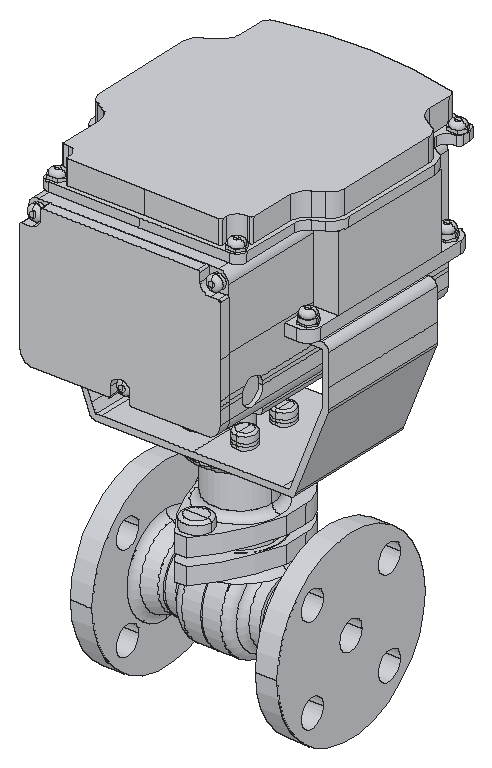
Revit family "電動二方弁_ver2021(ロゴなし)", category 電気設備, Revit 2021
Family settings
  丸型コネクタ寸法 = 直径を使用
  パーツ タイプ = 他のパネル
  OmniClass 番号 = 23.80.30.11.17
  OmniClass タイトル = Distribution Boards and Control Panels
  作業面ベース = いいえ
  常に垂直 = はい
  ロード時にボイドで切り取り = いいえ
  共有 = いいえ
  部屋計算ポイント = いいえ
Parameters
  配線φ(左側) [instance] = 14.031 mm
  配線φ(右側) [instance] = 14.031 mm
  配管φ [instance] = 95 mm
  配管2φ [instance] = 95 mm
  既定の高さ = 0 mm
  IfcObjectType = ""
  IfcName = ""
  IfcLongName = ""
  IfcExportType = ""
  IfcExportAs = ""
  IfcDescription = ""
Reference planes
  plane 1 "中心(正面/背面)": y = 0
  plane 2: z = 0
  plane 3 "中心(左/右)": x = 0
Forms (mm)
  Extrusion 1, solid
    sketch origin (0, 0, -77.064) x (0, 1, 0) y (0, 0, 1)
      loop
        circle (0, 124.5) r 47.5
    from 45.882 to 56.882
  Extrusion 2, void
    sketch origin (0, 0, -77) x (0, 1, 0) y (0, 0, 1)
      loop
        circle (-24.749, 149.249) r 7.5
    from 45.882 to 56.882
  Extrusion 3, void
    sketch origin (0, 49.497, -77) x (0, 1, 0) y (0, 0, 1)
      loop
        circle (-24.749, 149.249) r 7.5
    from 45.882 to 56.882
  Extrusion 4, void
    sketch origin (0, 0, -126.498) x (0, 1, 0) y (0, 0, 1)
      loop
        circle (-24.749, 149.249) r 7.5
    from 45.882 to 56.882
  Extrusion 5, void
    sketch origin (0, 49.497, -126.498) x (0, 1, 0) y (0, 0, 1)
      loop
        circle (-24.749, 149.249) r 7.5
    from 45.882 to 56.882
  Extrusion 6, void
    sketch origin (0, 24.749, -101.749) x (0, 1, 0) y (0, 0, 1)
      loop
        circle (-24.749, 149.249) r 7.5
    from 45.882 to 56.882
  Extrusion 7, solid
    sketch origin (-95, 0, -77.064) x (0, 1, 0) y (0, 0, 1)
      loop
        circle (0, 124.5) r 47.5
    from 45.882 to 56.882
  Extrusion 8, void
    sketch origin (-95, 0, -77) x (0, 1, 0) y (0, 0, 1)
      loop
        circle (-24.749, 149.249) r 7.5
    from 45.882 to 56.882
  Extrusion 9, solid
    sketch origin (0.118, 0, 0) x (1, 0, 0) y (0, 0, 1)
      loop
        line (-51.618, 196.3) -> (-51.618, 199.5) -> (-66.618, 199.5)
        arc (-66.618, 199.5) -> (-69.235, 198.416) -> (-70.318, 195.8) r 3.7
        line (-70.318, 195.8) -> (-70.318, 179.5) -> (-70.318, 169.594)
        arc (-70.318, 169.594) -> (-70.255, 168.913) -> (-70.068, 168.255) r 3.7
        line (-70.068, 168.255) -> (-53.226, 124.861)
        arc (-53.226, 124.861) -> (-51.866, 123.147) -> (-49.776, 122.5) r 3.7
        line (-49.776, 122.5) -> (49.539, 122.5)
        arc (49.539, 122.5) -> (51.629, 123.147) -> (52.989, 124.861) r 3.7
        line (52.989, 124.861) -> (69.831, 168.255)
        arc (69.831, 168.255) -> (70.018, 168.913) -> (70.082, 169.594) r 3.7
        line (70.082, 169.594) -> (70.082, 179.5) -> (70.082, 195.8)
        arc (70.082, 195.8) -> (68.998, 198.416) -> (66.382, 199.5) r 3.7
        line (66.382, 199.5) -> (51.182, 199.5) -> (51.182, 196.3) -> (66.382, 196.3)
        arc (66.382, 196.3) -> (66.735, 196.154) -> (66.882, 195.8) r 0.5
        line (66.882, 195.8) -> (66.882, 169.5) -> (64.355, 162.99) -> (49.882, 125.7) -> (46.449, 125.7) -> (-0.118, 125.7) -> (-46.686, 125.7) -> (-50.118, 125.7) -> (-51.928, 130.361) -> (-64.592, 162.99) -> (-67.118, 169.5) -> (-67.118, 195.8)
        arc (-67.118, 195.8) -> (-66.972, 196.154) -> (-66.618, 196.3) r 0.5
        line (-66.618, 196.3) -> (-51.618, 196.3)
    from -38.424 to 30.5
  Extrusion 10, solid
    sketch origin (0, -461.789, 0) x (1, 0, 0) y (0, 1, 0)
      loop
        arc (0, 545.194) -> (-22.618, 543.895) -> (-44.938, 540.014) r 197.5
        arc (-44.938, 540.014) -> (-47.717, 538.253) -> (-48.8, 535.145) r 5
        line (-48.8, 535.145) -> (-48.8, 522.279)
        arc (-48.8, 522.279) -> (-50.006, 517.779) -> (-53.3, 514.485) r 9
        line (-53.3, 514.485) -> (-58.8, 511.309)
        arc (-58.8, 511.309) -> (-61.728, 508.381) -> (-62.8, 504.381) r 8
        line (-62.8, 504.381) -> (-62.8, 450.408)
        arc (-62.8, 450.408) -> (-61.728, 446.408) -> (-58.8, 443.479) r 8
        line (-58.8, 443.479) -> (-53.3, 440.304)
        arc (-53.3, 440.304) -> (-50.006, 437.01) -> (-48.8, 432.51) r 9
        line (-48.8, 432.51) -> (-48.8, 409.394)
        arc (-48.8, 409.394) -> (-48.507, 408.687) -> (-47.8, 408.394) r 1
        line (-47.8, 408.394) -> (-46, 408.394)
        arc (-46, 408.394) -> (-41.757, 406.637) -> (-40, 402.394) r 6
        line (-40, 402.394) -> (-40, 400.594)
        arc (-40, 400.594) -> (-39.707, 399.887) -> (-39, 399.594) r 1
        line (-39, 399.594) -> (0, 399.594) -> (39, 399.594)
        arc (39, 399.594) -> (39.707, 399.887) -> (40, 400.594) r 1
        line (40, 400.594) -> (40, 402.394)
        arc (40, 402.394) -> (41.757, 406.637) -> (46, 408.394) r 6
        line (46, 408.394) -> (47.8, 408.394)
        arc (47.8, 408.394) -> (48.507, 408.687) -> (48.8, 409.394) r 1
        line (48.8, 409.394) -> (48.8, 432.51)
        arc (48.8, 432.51) -> (50.006, 437.01) -> (53.3, 440.304) r 9
        line (53.3, 440.304) -> (58.8, 443.479)
        arc (58.8, 443.479) -> (61.728, 446.408) -> (62.8, 450.408) r 8
        line (62.8, 450.408) -> (62.8, 504.381)
        arc (62.8, 504.381) -> (61.728, 508.381) -> (58.8, 511.309) r 8
        line (58.8, 511.309) -> (53.3, 514.485)
        arc (53.3, 514.485) -> (50.006, 517.779) -> (48.8, 522.279) r 9
        line (48.8, 522.279) -> (48.8, 535.145)
        arc (48.8, 535.145) -> (47.717, 538.253) -> (44.938, 540.014) r 5
        arc (44.938, 540.014) -> (22.618, 543.895) -> (0, 545.194) r 197.5
    from 248.5 to 260.5
  Extrusion 11, solid
    sketch origin (0, -461.789, 0) x (1, 0, 0) y (0, 1, 0)
      loop
        arc (0, 547.894) -> (-28.126, 545.907) -> (-55.692, 539.984) r 200
        arc (-55.692, 539.984) -> (-58.298, 538.185) -> (-59.3, 535.182) r 5
        line (-59.3, 535.182) -> (-59.3, 531.092)
        arc (-59.3, 531.092) -> (-58.732, 529.695) -> (-57.35, 529.092) r 2
        arc (-57.35, 529.092) -> (-53.205, 527.284) -> (-51.5, 523.094) r 6
        line (-51.5, 523.094) -> (-51.5, 522.106)
        arc (-51.5, 522.106) -> (-52.304, 519.106) -> (-54.5, 516.909) r 6
        line (-54.5, 516.909) -> (-60.5, 513.445)
        arc (-60.5, 513.445) -> (-64.16, 509.785) -> (-65.5, 504.785) r 10
        line (-65.5, 504.785) -> (-65.5, 450.003)
        arc (-65.5, 450.003) -> (-64.16, 445.003) -> (-60.5, 441.343) r 10
        line (-60.5, 441.343) -> (-55, 438.168)
        arc (-55, 438.168) -> (-52.438, 435.606) -> (-51.5, 432.106) r 7
        line (-51.5, 432.106) -> (-51.5, 401.894)
        arc (-51.5, 401.894) -> (-50.036, 398.359) -> (-46.5, 396.894) r 5
        line (-46.5, 396.894) -> (0, 396.894) -> (46.5, 396.894)
        arc (46.5, 396.894) -> (50.036, 398.359) -> (51.5, 401.894) r 5
        line (51.5, 401.894) -> (51.5, 432.106)
        arc (51.5, 432.106) -> (52.438, 435.606) -> (55, 438.168) r 7
        line (55, 438.168) -> (60.5, 441.343)
        arc (60.5, 441.343) -> (64.16, 445.003) -> (65.5, 450.003) r 10
        line (65.5, 450.003) -> (65.5, 504.785)
        arc (65.5, 504.785) -> (64.16, 509.785) -> (60.5, 513.445) r 10
        line (60.5, 513.445) -> (54.5, 516.909)
        arc (54.5, 516.909) -> (52.304, 519.106) -> (51.5, 522.106) r 6
        line (51.5, 522.106) -> (51.5, 523.094)
        arc (51.5, 523.094) -> (53.205, 527.284) -> (57.35, 529.092) r 6
        arc (57.35, 529.092) -> (58.732, 529.695) -> (59.3, 531.092) r 2
        line (59.3, 531.092) -> (59.3, 535.182)
        arc (59.3, 535.182) -> (58.298, 538.185) -> (55.692, 539.984) r 5
        arc (55.692, 539.984) -> (28.126, 545.907) -> (0, 547.894) r 200
    from 244 to 248.5
  Extrusion 12, solid
    sketch origin (0, -461.789, 0) x (1, 0, 0) y (0, 1, 0)
      loop
        circle (-58, 432.394) r 4.25
    from 206.5 to 208.5
  Extrusion 13, solid
    sketch origin (0, -461.789, 0) x (1, 0, 0) y (0, 1, 0)
      loop
        line (-60.454, 436.644) -> (-62.907, 432.394) -> (-60.454, 428.144) -> (-55.546, 428.144) -> (-53.093, 432.394) -> (-55.546, 436.644) -> (-58, 436.644) -> (-60.454, 436.644)
    from 205.5 to 206.5
  Revolve 14, solid, detail levels fine
    sketch origin (91.963, -59.403, 0) x (1, 0, 0) y (0, 0, 1)
      loop
        arc (-47.868, 252.7) -> (-49.481, 251.883) -> (-49.776, 250.1) r 2
        line (-49.776, 250.1) -> (-46.118, 250.1) -> (-46.118, 252.7) -> (-47.868, 252.7)
      axis (-46.118, 252.7) -> (-46.118, 250.1)
    angle from 0 to 360
  Revolve 15, solid
    sketch origin (-0.037, -59.403, 0) x (1, 0, 0) y (0, 0, 1)
      loop
        arc (-47.868, 252.7) -> (-49.481, 251.883) -> (-49.776, 250.1) r 2
        line (-49.776, 250.1) -> (-46.118, 250.1) -> (-46.118, 252.7) -> (-47.868, 252.7)
      axis (-46.118, 252.7) -> (-46.118, 250.1)
    angle from 0 to 360
  Extrusion 16, solid
    sketch origin (0.118, -20, 0) x (1, 0, 0) y (0, 0, 1)
      loop
        line (-46.13, 233.5) -> (-50.618, 233.5)
        arc (-50.618, 233.5) -> (-51.326, 233.207) -> (-51.618, 232.5) r 1
        line (-51.618, 232.5) -> (-51.618, 206.5) -> (-51.618, 187.2) -> (-51.618, 184.874) -> (-51.618, 182.778) -> (-51.618, 176)
        arc (-51.618, 176) -> (-49.568, 171.05) -> (-44.618, 169) r 7
        line (-44.618, 169) -> (-6.118, 169)
        arc (-6.118, 169) -> (-5.411, 169.293) -> (-5.118, 170) r 1
        line (-5.118, 170) -> (-5.118, 174.5)
        arc (-5.118, 174.5) -> (-3.654, 178.036) -> (-0.118, 179.5) r 5
        arc (-0.118, 179.5) -> (3.417, 178.036) -> (4.882, 174.5) r 5
        line (4.882, 174.5) -> (4.882, 170)
        arc (4.882, 170) -> (5.174, 169.293) -> (5.882, 169) r 1
        line (5.882, 169) -> (44.382, 169)
        arc (44.382, 169) -> (49.331, 171.05) -> (51.382, 176) r 7
        line (51.382, 176) -> (51.382, 182.778) -> (51.382, 184.874) -> (51.382, 187.2) -> (51.382, 206.5) -> (51.382, 232.5)
        arc (51.382, 232.5) -> (51.089, 233.207) -> (50.382, 233.5) r 1
        line (50.382, 233.5) -> (45.893, 233.5)
        arc (45.893, 233.5) -> (42.358, 234.965) -> (40.893, 238.5) r 5
        line (40.893, 238.5) -> (40.893, 243)
        arc (40.893, 243) -> (40.601, 243.707) -> (39.893, 244) r 1
        line (39.893, 244) -> (-40.13, 244)
        arc (-40.13, 244) -> (-40.838, 243.707) -> (-41.13, 243) r 1
        line (-41.13, 243) -> (-41.13, 238.5)
        arc (-41.13, 238.5) -> (-42.595, 234.965) -> (-46.13, 233.5) r 5
    from 51.5 to 57
  Extrusion 17, solid
    sketch origin (0, 0, 0) x (1, 0, 0) y (0, 0, 1)
      loop
        line (-13.607, 161) -> (-13.607, 139.5) -> (-0.118, 139.5) -> (13.607, 139.5) -> (13.607, 161) -> (-0.118, 161) -> (-13.607, 161)
    from -13.607 to 13.607
  Revolve 18, solid
    sketch origin (0, 0, 0) x (0, 1, 0) y (0, 0, 1)
      loop
        line (-6, 137.956) -> (-6.5, 137.09) -> (-6.5, 125.7) -> (0, 125.7) -> (0, 137.956) -> (-6, 137.956)
      axis (0, 137.956) -> (0, 125.7)
    angle from 0 to 360
  Revolve 19, solid
    sketch origin (-12.5, 0, 0) x (0, 1, 0) y (0, 0, 1)
      loop
        arc (-16.752, 132.9) -> (-17.541, 132.594) -> (-18.025, 131.9) r 1.452
        line (-18.025, 131.9) -> (-18.025, 128.9) -> (-12.5, 128.9) -> (-12.5, 132.9) -> (-16.752, 132.9)
      axis (-12.5, 132.9) -> (-12.5, 128.9)
    angle from 0 to 360
  Extrusion 20, solid, detail levels fine
    sketch origin (103.688, -491.798, 0) x (1, 0, 0) y (0, 1, 0)
      loop
        line (-60.731, 436.165) -> (-62.907, 432.394) -> (-60.775, 428.7) -> (-55.225, 428.7) -> (-53.093, 432.394) -> (-55.269, 436.165) -> (-58, 436.165) -> (-60.731, 436.165)
    from 248.5 to 250.1
  Extrusion 21, solid
    sketch origin (11.688, -491.798, 0) x (1, 0, 0) y (0, 1, 0)
      loop
        line (-60.731, 436.165) -> (-62.907, 432.394) -> (-60.775, 428.7) -> (-55.225, 428.7) -> (-53.093, 432.394) -> (-55.269, 436.165) -> (-58, 436.165) -> (-60.731, 436.165)
    from 248.5 to 250.1
  Extrusion 22, solid
    sketch origin (0, 0, 0) x (1, 0, 0) y (0, 0, 1)
      loop
        arc (51.382, 238.7) -> (49.829, 242.448) -> (46.082, 244) r 5.3
        line (46.082, 244) -> (-46.318, 244)
        arc (-46.318, 244) -> (-50.066, 242.448) -> (-51.618, 238.7) r 5.3
        line (-51.618, 238.7) -> (-51.618, 206.5) -> (-51.618, 187.2) -> (-51.618, 184.874) -> (-51.618, 182.778) -> (-51.618, 176)
        arc (-51.618, 176) -> (-49.568, 171.05) -> (-44.618, 169) r 7
        line (-44.618, 169) -> (-0.118, 169) -> (44.382, 169)
        arc (44.382, 169) -> (49.331, 171.05) -> (51.382, 176) r 7
        line (51.382, 176) -> (51.382, 182.778) -> (51.382, 184.874) -> (51.382, 187.2) -> (51.382, 206.5) -> (51.382, 238.7)
    from -69.008 to 71.5
  Extrusion 23, solid, detail levels medium+fine
    sketch origin (0, 0, 0) x (1, 0, 0) y (0, 0, 1)
      loop
        arc (-56.98, 162.726) -> (-58.567, 164.386) -> (-60.863, 164.437) r 3
        line (-60.863, 164.437) -> (-64.592, 162.99) -> (-51.928, 130.361) -> (-48.199, 131.809)
        arc (-48.199, 131.809) -> (-46.539, 133.395) -> (-46.487, 135.691) r 3
        line (-46.487, 135.691) -> (-56.98, 162.726)
    from -4.258 to 4.152
  Revolve 24, solid
    sketch origin (0, 0, 0) x (1, 0, 0) y (0, 0, 1)
      loop
        line (-27.754, 65.728) -> (-34.829, 68.303)
        arc (-34.829, 68.303) -> (-37.214, 70.133) -> (-38.118, 73.001) r 5
        line (-38.118, 73.001) -> (-38.118, 47.5) -> (-24.643, 47.5) -> (-24.643, 65.897)
        arc (-24.643, 65.897) -> (-26.18, 65.505) -> (-27.754, 65.728) r 4
      axis (-38.118, 47.5) -> (-24.643, 47.5)
    angle from 0 to 360
  Revolve 25, solid
    sketch origin (0, 0, 0) x (1, 0, 0) y (0, 0, 1)
      loop
        line (45.882, 47.5) -> (24.643, 47.5) -> (24.643, 30.5) -> (31.652, 30.5) -> (38.006, 30.5)
        arc (38.006, 30.5) -> (40.717, 30.126) -> (43.224, 29.03) r 10
        arc (43.224, 29.03) -> (45.166, 27.191) -> (45.882, 24.613) r 5
        line (45.882, 24.613) -> (45.882, 47.5)
      axis (24.643, 47.5) -> (45.882, 47.5)
    angle from 0 to 360
  Revolve 26, solid
    sketch origin (0, 0, 0) x (1, 0, 0) y (0, 0, 1)
      loop
        line (-24.643, 47.5) -> (-24.643, 29.5) -> (-18.893, 29.5)
        arc (-18.893, 29.5) -> (-16.399, 28.627) -> (-14.994, 26.389) r 4
        arc (-14.994, 26.389) -> (-13.237, 23.591) -> (-10.118, 22.5) r 5
        line (-10.118, 22.5) -> (0, 22.5) -> (0, 47.5) -> (-24.643, 47.5)
      axis (0, 47.5) -> (-24.643, 47.5)
    angle from 0 to 360
  Revolve 27, solid
    sketch origin (0, 0, 0) x (-1, 0, 0) y (0, 0, 1)
      loop
        line (-24.643, 47.5) -> (-24.643, 29.5) -> (-18.893, 29.5)
        arc (-18.893, 29.5) -> (-16.399, 28.627) -> (-14.994, 26.389) r 4
        arc (-14.994, 26.389) -> (-13.237, 23.591) -> (-10.118, 22.5) r 5
        line (-10.118, 22.5) -> (0, 22.5) -> (0, 47.5) -> (-24.643, 47.5)
      axis (0, 47.5) -> (-24.643, 47.5)
    angle from 0 to 360
  Revolve 28, solid
    sketch origin (-12.5, 0, 0) x (0, 1, 0) y (0, 0, 1)
      loop
        line (-18.025, 128.9) -> (-18.025, 127.3) -> (-18.025, 125.7) -> (-12.5, 125.7) -> (-12.5, 128.9) -> (-18.025, 128.9)
      axis (-12.5, 128.9) -> (-12.5, 125.7)
    angle from 0 to 360
  Revolve 29, solid
    sketch origin (-12.5, 25, 0) x (0, 1, 0) y (0, 0, 1)
      loop
        arc (-16.752, 132.9) -> (-17.541, 132.594) -> (-18.025, 131.9) r 1.452
        line (-18.025, 131.9) -> (-18.025, 128.9) -> (-12.5, 128.9) -> (-12.5, 132.9) -> (-16.752, 132.9)
      axis (-12.5, 132.9) -> (-12.5, 128.9)
    angle from 0 to 360
  Revolve 30, solid
    sketch origin (-12.5, 25, 0) x (0, 1, 0) y (0, 0, 1)
      loop
        line (-18.025, 128.9) -> (-18.025, 127.3) -> (-18.025, 125.7) -> (-12.5, 125.7) -> (-12.5, 128.9) -> (-18.025, 128.9)
      axis (-12.5, 128.9) -> (-12.5, 125.7)
    angle from 0 to 360
  Revolve 31, solid
    sketch origin (12.5, 0, 0) x (0, 1, 0) y (0, 0, 1)
      loop
        arc (-16.752, 132.9) -> (-17.541, 132.594) -> (-18.025, 131.9) r 1.452
        line (-18.025, 131.9) -> (-18.025, 128.9) -> (-12.5, 128.9) -> (-12.5, 132.9) -> (-16.752, 132.9)
      axis (-12.5, 132.9) -> (-12.5, 128.9)
    angle from 0 to 360
  Revolve 32, solid
    sketch origin (12.5, 0, 0) x (0, 1, 0) y (0, 0, 1)
      loop
        line (-18.025, 128.9) -> (-18.025, 127.3) -> (-18.025, 125.7) -> (-12.5, 125.7) -> (-12.5, 128.9) -> (-18.025, 128.9)
      axis (-12.5, 128.9) -> (-12.5, 125.7)
    angle from 0 to 360
  Revolve 33, solid
    sketch origin (12.5, 25, 0) x (0, 1, 0) y (0, 0, 1)
      loop
        arc (-16.752, 132.9) -> (-17.541, 132.594) -> (-18.025, 131.9) r 1.452
        line (-18.025, 131.9) -> (-18.025, 128.9) -> (-12.5, 128.9) -> (-12.5, 132.9) -> (-16.752, 132.9)
      axis (-12.5, 132.9) -> (-12.5, 128.9)
    angle from 0 to 360
  Revolve 34, solid
    sketch origin (12.5, 25, 0) x (0, 1, 0) y (0, 0, 1)
      loop
        line (-18.025, 128.9) -> (-18.025, 127.3) -> (-18.025, 125.7) -> (-12.5, 125.7) -> (-12.5, 128.9) -> (-18.025, 128.9)
      axis (-12.5, 128.9) -> (-12.5, 125.7)
    angle from 0 to 360
  Revolve 35, solid
    sketch origin (0, 0, 0) x (1, 0, 0) y (0, 0, 1)
      loop
        line (-4.75, 139.5) -> (-4.75, 137.956) -> (0, 137.956) -> (0, 139.5) -> (-4.75, 139.5)
      axis (0, 139.5) -> (0, 137.956)
    angle from 0 to 360
  Revolve 36, solid
    sketch origin (0, 0, 0) x (1, 0, 0) y (0, 0, 1)
      loop
        line (0, 77) -> (-20, 77) -> (-20, 73.103)
        arc (-20, 73.103) -> (-21.527, 68.402) -> (-25.524, 65.495) r 8
        line (-25.524, 65.495) -> (-18.847, 65.495)
        arc (-18.847, 65.495) -> (-16.351, 66.373) -> (-14.953, 68.62) r 3.988
        arc (-14.953, 68.62) -> (-13.31, 71.404) -> (-10.268, 72.5) r 4.769
        line (-10.268, 72.5) -> (0, 72.5) -> (0, 77)
      axis (0, 77) -> (0, 65.495)
    angle from 0 to 360
  Extrusion 37, solid
    sketch origin (0, 0, 0) x (1, 0, 0) y (0, 0, 1)
      loop
        line (-47, 169.152) -> (-47, 167.5)
        arc (-47, 167.5) -> (-46.121, 165.379) -> (-44, 164.5) r 3
        line (-44, 164.5) -> (44, 164.5)
        arc (44, 164.5) -> (46.121, 165.379) -> (47, 167.5) r 3
        line (47, 167.5) -> (47, 169.462)
        arc (47, 169.462) -> (45.784, 169.119) -> (44.525, 169) r 7
        line (44.525, 169) -> (-42.442, 169)
        arc (-42.442, 169) -> (-44.734, 168.695) -> (-47, 169.152) r 7
    from -44 to 44
  Revolve 38, solid
    sketch origin (0, -28, 0) x (1, 0, 0) y (0, 0, 1)
      loop
        line (0, 95.717) -> (-5.688, 95.717)
        arc (-5.688, 95.717) -> (-6.779, 95.427) -> (-7.583, 94.633) r 2.201
        line (-7.583, 94.633) -> (-7.583, 90.3) -> (0, 90.3) -> (0, 95.717)
      axis (0, 95.717) -> (0, 90.3)
    angle from 0 to 360
  Revolve 39, solid
    sketch origin (0, 0, 0) x (1, 0, 0) y (0, 0, 1)
      loop
        arc (-18.5, 115.3) -> (-17.086, 114.714) -> (-16.5, 113.3) r 2
        line (-16.5, 113.3) -> (-16.5, 94.3)
        arc (-16.5, 94.3) -> (-17.672, 91.472) -> (-20.5, 90.3) r 4
        line (-20.5, 90.3) -> (0, 90.3) -> (0, 115.3) -> (-18.5, 115.3)
      axis (0, 90.3) -> (0, 115.3)
    angle from 0 to 360
  Revolve 40, solid, detail levels fine
    sketch origin (0, 0, 0) x (1, 0, 0) y (0, 0, 1)
      loop
        line (-4, 81.3) -> (-4, 77) -> (0, 77) -> (0, 81.3) -> (-4, 81.3)
      axis (0, 77) -> (0, 81.3)
    angle from 0 to 360
  Extrusion 41, solid
    sketch origin (0, -461.789, 210) x (1, 0, 0) y (0, 1, 0)
      loop
        line (65, 432.394) -> (65, 522.394)
        arc (65, 522.394) -> (63.715, 526.436) -> (60.333, 528.994) r 7
        arc (60.333, 528.994) -> (59.578, 529.473) -> (59.107, 530.234) r 2
        arc (59.107, 530.234) -> (58.39, 529.415) -> (57.35, 529.092) r 2
        arc (57.35, 529.092) -> (53.205, 527.284) -> (51.5, 523.094) r 6
        line (51.5, 523.094) -> (51.5, 425.394) -> (58, 425.394)
        arc (58, 425.394) -> (62.95, 427.445) -> (65, 432.394) r 7
    from -10.5 to -4.5
  Extrusion 42, solid
    sketch origin (0, -461.789, 210) x (-1, 0, 0) y (0, -1, 0)
      loop
        arc (65, -432.394) -> (62.95, -427.445) -> (58, -425.394) r 7
        line (58, -425.394) -> (51.5, -425.394) -> (51.5, -523.094)
        arc (51.5, -523.094) -> (53.205, -527.284) -> (57.35, -529.092) r 6
        arc (57.35, -529.092) -> (58.39, -529.415) -> (59.107, -530.234) r 2
        arc (59.107, -530.234) -> (59.578, -529.473) -> (60.333, -528.994) r 2
        arc (60.333, -528.994) -> (63.715, -526.436) -> (65, -522.394) r 7
        line (65, -522.394) -> (65, -432.394)
    from -10.5 to -4.5
  Extrusion 43, solid, detail levels medium+fine
    sketch origin (0, 0, 0) x (-1, 0, 0) y (0, 0, -1)
      loop
        line (-56.98, -162.726) -> (-46.487, -135.691)
        arc (-46.487, -135.691) -> (-46.539, -133.395) -> (-48.199, -131.809) r 3
        line (-48.199, -131.809) -> (-51.928, -130.361) -> (-64.592, -162.99) -> (-60.863, -164.437)
        arc (-60.863, -164.437) -> (-58.567, -164.386) -> (-56.98, -162.726) r 3
    from -4.258 to 4.152
  Extrusion 44, solid
    sketch origin (0, 0, 0) x (1, 0, 0) y (0, 0, 1)
      loop
        line (-28.5, 161) -> (28.5, 161) -> (28.5, 161.788) -> (-28.5, 161.788) -> (-28.5, 161)
    from -28.5 to 28.511
  Revolve 45, solid
    sketch origin (0, -30, 0) x (1, 0, 0) y (0, 0, 1)
      loop
        line (-60.5, 199.5) -> (-60.5, 197.236) -> (-58.25, 197.236) -> (-58.25, 199.5) -> (-60.5, 199.5)
      axis (-58.25, 199.5) -> (-58.25, 197.236)
    angle from 0 to 360
  Revolve 46, solid
    sketch origin (0, 60, 0) x (1, 0, 0) y (0, 0, 1)
      loop
        line (-60.5, 199.5) -> (-60.5, 197.236) -> (-58.25, 197.236) -> (-58.25, 199.5) -> (-60.5, 199.5)
      axis (-58.25, 199.5) -> (-58.25, 197.236)
    angle from 0 to 360
  Revolve 47, solid
    sketch origin (116.875, -30, 0) x (1, 0, 0) y (0, 0, 1)
      loop
        line (-60.5, 199.5) -> (-60.5, 197.236) -> (-58.25, 197.236) -> (-58.25, 199.5) -> (-60.5, 199.5)
      axis (-58.25, 199.5) -> (-58.25, 197.236)
    angle from 0 to 360
  Revolve 48, solid
    sketch origin (116.875, 60, 0) x (1, 0, 0) y (0, 0, 1)
      loop
        line (-60.5, 199.5) -> (-60.5, 197.236) -> (-58.25, 197.236) -> (-58.25, 199.5) -> (-60.5, 199.5)
      axis (-58.25, 199.5) -> (-58.25, 197.236)
    angle from 0 to 360
  Extrusion 49, solid
    sketch origin (-364.746, -162.773, 80.3) x (1, 0, 0) y (0, 1, 0)
      loop
        arc (341.746, 163.987) -> (349.545, 143.272) -> (361.7, 124.773) r 100.225
        line (361.7, 124.773) -> (367.792, 124.773)
        arc (367.792, 124.773) -> (379.948, 143.272) -> (387.746, 163.987) r 100.225
        line (387.746, 163.987) -> (387.746, 176.305)
        arc (387.746, 176.305) -> (383.257, 189.309) -> (371.7, 196.773) r 21.077
        line (371.7, 196.773) -> (357.792, 196.773)
        arc (357.792, 196.773) -> (346.236, 189.309) -> (341.746, 176.305) r 21.077
        line (341.746, 176.305) -> (341.746, 163.987)
    from 1 to 10
  Revolve 50, solid
    sketch origin (0, 0, 0) x (1, 0, 0) y (0, 0, 1)
      loop
        line (-25, 122.5) -> (-25, 117.3)
        arc (-25, 117.3) -> (-24.414, 115.886) -> (-23, 115.3) r 2
        line (-23, 115.3) -> (0, 115.3) -> (0, 122.5) -> (-25, 122.5)
      axis (0, 115.3) -> (0, 122.5)
    angle from 0 to 360
  Extrusion 51, solid
    sketch origin (-364.746, -162.773, 67) x (1, 0, 0) y (0, 1, 0)
      loop
        arc (341.746, 163.987) -> (349.545, 143.272) -> (361.7, 124.773) r 100.225
        line (361.7, 124.773) -> (367.792, 124.773)
        arc (367.792, 124.773) -> (379.948, 143.272) -> (387.746, 163.987) r 100.225
        line (387.746, 163.987) -> (387.746, 176.305)
        arc (387.746, 176.305) -> (383.257, 189.309) -> (371.7, 196.773) r 21.077
        line (371.7, 196.773) -> (357.792, 196.773)
        arc (357.792, 196.773) -> (346.236, 189.309) -> (341.746, 176.305) r 21.077
        line (341.746, 176.305) -> (341.746, 163.987)
    from 1 to 10
  Revolve 52, solid, detail levels medium+fine
    sketch origin (-13.227, 0, 0) x (1, 0, 0) y (0, 0, 1)
      loop
        line (-4.273, 81.3) -> (-4.273, 77) -> (13.227, 77) -> (13.227, 81.3) -> (-4.273, 81.3)
      axis (13.227, 77) -> (13.227, 81.3)
    angle from 0 to 360
  Extrusion 53, void
    sketch origin (-95, 49.497, -77) x (0, 1, 0) y (0, 0, 1)
      loop
        circle (-24.749, 149.249) r 7.5
    from 45.882 to 56.882
  Extrusion 54, void
    sketch origin (-95, 49.497, -126.498) x (0, 1, 0) y (0, 0, 1)
      loop
        circle (-24.749, 149.249) r 7.5
    from 45.882 to 56.882
  Extrusion 55, void
    sketch origin (0, 0, -126.498) x (0, 1, 0) y (0, 0, 1)
      loop
        circle (-24.749, 149.249) r 7.5
    from 45.882 to 56.882
  Extrusion 56, void
    sketch origin (-95, 0, -126.498) x (0, 1, 0) y (0, 0, 1)
      loop
        circle (-24.749, 149.249) r 7.5
    from 45.882 to 56.882
  Extrusion 57, void
    sketch origin (-95, 24.749, -101.749) x (0, 1, 0) y (0, 0, 1)
      loop
        circle (-24.749, 149.249) r 7.5
    from 45.882 to 56.882
  Revolve 58, solid
    sketch origin (-46.056, 5.5, 0) x (0, 1, 0) y (0, 0, 1)
      loop
        arc (-78.6, 242.158) -> (-80.383, 241.863) -> (-81.2, 240.25) r 2
        line (-81.2, 240.25) -> (-81.2, 238.5) -> (-78.6, 238.5) -> (-78.6, 242.158)
      axis (-78.6, 238.5) -> (-81.2, 238.5)
    angle from 0 to 360
  Revolve 59, solid
    sketch origin (-46.014, 5.5, 0) x (0, 1, 0) y (0, 0, 1)
      loop
        line (-78.6, 242.25) -> (-78.6, 238.5) -> (-77, 238.5) -> (-77, 242.25) -> (-78.6, 242.25)
      axis (-78.6, 238.5) -> (-77, 238.5)
    angle from 0 to 360
  Revolve 60, solid
    sketch origin (45.944, 5.5, 0) x (0, 1, 0) y (0, 0, 1)
      loop
        arc (-78.6, 242.158) -> (-80.383, 241.863) -> (-81.2, 240.25) r 2
        line (-81.2, 240.25) -> (-81.2, 238.5) -> (-78.6, 238.5) -> (-78.6, 242.158)
      axis (-78.6, 238.5) -> (-81.2, 238.5)
    angle from 0 to 360
  Revolve 61, solid
    sketch origin (45.986, 5.5, 0) x (0, 1, 0) y (0, 0, 1)
      loop
        line (-78.6, 242.25) -> (-78.6, 238.5) -> (-77, 238.5) -> (-77, 242.25) -> (-78.6, 242.25)
      axis (-78.6, 238.5) -> (-77, 238.5)
    angle from 0 to 360
  Revolve 62, solid
    sketch origin (-0.056, 5.5, -64) x (0, 1, 0) y (0, 0, 1)
      loop
        arc (-78.6, 242.158) -> (-80.383, 241.863) -> (-81.2, 240.25) r 2
        line (-81.2, 240.25) -> (-81.2, 238.5) -> (-78.6, 238.5) -> (-78.6, 242.158)
      axis (-78.6, 238.5) -> (-81.2, 238.5)
    angle from 0 to 360
  Revolve 63, solid
    sketch origin (-0.014, 5.5, -64) x (0, 1, 0) y (0, 0, 1)
      loop
        line (-78.6, 242.25) -> (-78.6, 238.5) -> (-77, 238.5) -> (-77, 242.25) -> (-78.6, 242.25)
      axis (-78.6, 238.5) -> (-77, 238.5)
    angle from 0 to 360
  Extrusion 64, solid
    sketch origin (0, 0, 0) x (1, 0, 0) y (0, 0, 1)
      loop
        line (-65, 244) -> (-65, 205.5) -> (-51.618, 205.5) -> (-51.618, 238.7)
        arc (-51.618, 238.7) -> (-50.066, 242.448) -> (-46.318, 244) r 5.3
        line (-46.318, 244) -> (-65, 244)
    from -47.676 to 17.676
  Extrusion 65, solid
    sketch origin (0, 0, 0) x (-1, 0, 0) y (0, 0, -1)
      loop
        line (-65, -244) -> (-46.318, -244)
        arc (-46.318, -244) -> (-50.066, -242.448) -> (-51.618, -238.7) r 5.3
        line (-51.618, -238.7) -> (-51.618, -205.5) -> (-65, -205.5) -> (-65, -244)
    from -47.676 to 17.676
  Revolve 66, solid
    sketch origin (-11.91, -29.395, -41.6) x (1, 0, 0) y (0, 0, 1)
      loop
        arc (-47.868, 253.422) -> (-49.691, 252.245) -> (-49.37, 250.1) r 2
        line (-49.37, 250.1) -> (-46.118, 250.1) -> (-46.118, 253.422) -> (-47.868, 253.422)
      axis (-46.118, 253.422) -> (-46.118, 250.1)
    angle from 0 to 360
  Extrusion 67, solid
    sketch origin (0, -372.414, 0) x (1, 0, 0) y (0, 1, 0)
      loop
        circle (-58, 432.394) r 4.25
    from 206.5 to 208.5
  Extrusion 68, solid
    sketch origin (0, -372.414, 0) x (1, 0, 0) y (0, 1, 0)
      loop
        line (-60.454, 436.644) -> (-62.907, 432.394) -> (-60.454, 428.144) -> (-55.546, 428.144) -> (-53.093, 432.394) -> (-55.546, 436.644) -> (-58, 436.644) -> (-60.454, 436.644)
    from 205.5 to 206.5
  Revolve 69, solid
    sketch origin (-11.91, 59.98, -41.6) x (1, 0, 0) y (0, 0, 1)
      loop
        arc (-47.868, 253.422) -> (-49.691, 252.245) -> (-49.37, 250.1) r 2
        line (-49.37, 250.1) -> (-46.118, 250.1) -> (-46.118, 253.422) -> (-47.868, 253.422)
      axis (-46.118, 253.422) -> (-46.118, 250.1)
    angle from 0 to 360
  Extrusion 70, solid
    sketch origin (116.5, -461.789, 0) x (1, 0, 0) y (0, 1, 0)
      loop
        circle (-58, 432.394) r 4.25
    from 206.5 to 208.5
  Extrusion 71, solid
    sketch origin (116.5, -461.789, 0) x (1, 0, 0) y (0, 1, 0)
      loop
        line (-60.454, 436.644) -> (-62.907, 432.394) -> (-60.454, 428.144) -> (-55.546, 428.144) -> (-53.093, 432.394) -> (-55.546, 436.644) -> (-58, 436.644) -> (-60.454, 436.644)
    from 205.5 to 206.5
  Revolve 72, solid
    sketch origin (104.59, -29.395, -41.6) x (1, 0, 0) y (0, 0, 1)
      loop
        arc (-47.868, 253.422) -> (-49.691, 252.245) -> (-49.37, 250.1) r 2
        line (-49.37, 250.1) -> (-46.118, 250.1) -> (-46.118, 253.422) -> (-47.868, 253.422)
      axis (-46.118, 253.422) -> (-46.118, 250.1)
    angle from 0 to 360
  Extrusion 73, solid
    sketch origin (116.5, -372.414, 0) x (1, 0, 0) y (0, 1, 0)
      loop
        circle (-58, 432.394) r 4.25
    from 206.5 to 208.5
  Extrusion 74, solid
    sketch origin (116.5, -372.414, 0) x (1, 0, 0) y (0, 1, 0)
      loop
        line (-60.454, 436.644) -> (-62.907, 432.394) -> (-60.454, 428.144) -> (-55.546, 428.144) -> (-53.093, 432.394) -> (-55.546, 436.644) -> (-58, 436.644) -> (-60.454, 436.644)
    from 205.5 to 206.5
  Revolve 75, solid
    sketch origin (104.59, 59.98, -41.6) x (1, 0, 0) y (0, 0, 1)
      loop
        arc (-47.868, 253.422) -> (-49.691, 252.245) -> (-49.37, 250.1) r 2
        line (-49.37, 250.1) -> (-46.118, 250.1) -> (-46.118, 253.422) -> (-47.868, 253.422)
      axis (-46.118, 253.422) -> (-46.118, 250.1)
    angle from 0 to 360
  Revolve 76, solid
    sketch origin (100.713, 71.847, 0) x (1, 0, 0) y (0, 0, 1)
      loop
        arc (-47.868, 252.7) -> (-49.481, 251.883) -> (-49.776, 250.1) r 2
        line (-49.776, 250.1) -> (-46.118, 250.1) -> (-46.118, 252.7) -> (-47.868, 252.7)
      axis (-46.118, 252.7) -> (-46.118, 250.1)
    angle from 0 to 360
  Revolve 77, solid
    sketch origin (-7.537, 71.847, 0) x (1, 0, 0) y (0, 0, 1)
      loop
        arc (-47.868, 252.7) -> (-49.481, 251.883) -> (-49.776, 250.1) r 2
        line (-49.776, 250.1) -> (-46.118, 250.1) -> (-46.118, 252.7) -> (-47.868, 252.7)
      axis (-46.118, 252.7) -> (-46.118, 250.1)
    angle from 0 to 360
  Extrusion 78, solid
    sketch origin (112.438, -360.548, 0) x (1, 0, 0) y (0, 1, 0)
      loop
        line (-60.731, 436.165) -> (-62.907, 432.394) -> (-60.775, 428.7) -> (-55.225, 428.7) -> (-53.093, 432.394) -> (-55.269, 436.165) -> (-58, 436.165) -> (-60.731, 436.165)
    from 248.5 to 250.1
  Extrusion 79, solid
    sketch origin (4.188, -360.548, 0) x (1, 0, 0) y (0, 1, 0)
      loop
        line (-60.731, 436.165) -> (-62.907, 432.394) -> (-60.775, 428.7) -> (-55.225, 428.7) -> (-53.093, 432.394) -> (-55.269, 436.165) -> (-58, 436.165) -> (-60.731, 436.165)
    from 248.5 to 250.1
  Extrusion 80, void
    sketch origin (0, 0, 0.741) x (0, 1, 0) y (0, 0, 1)
      loop
        circle (-56.39, 182.041) r 7.015
    from -51.618 to -48.8
  Extrusion 81, void
    sketch origin (0, 0, 0.741) x (0, 1, 0) y (0, 0, -1)
      loop
        circle (-56.39, -182.041) r 7.015
    from -51.618 to -48.8
Cuts and joins
  Extrusion 2, Extrusion 3, Extrusion 4, Extrusion 5, Extrusion 6, Extrusion 8, Extrusion 55 cuts Extrusion 1
  Extrusion 8, Extrusion 53, Extrusion 54, Extrusion 56, Extrusion 57 cuts Extrusion 7
  Extrusion 80, Extrusion 81 cuts Extrusion 22
Text (mm)
  text "100" at (1274.735, 860.036, 0), in view "参照レベル"
  text "0" at (1249.231, 860.036, 0), in view "参照レベル"
  text "82" at (1044.561, 945.199, 0), in view "参照レベル"
  text "85" at (1127.811, 945.199, 0), in view "参照レベル"
Dimensions and locks
  "配管φ": diameter of Extrusion 1 sketch curve
  "配管2φ": diameter of Extrusion 7 sketch curve
  "配線φ(左側)": diameter of Extrusion 80 sketch curve
  "配線φ(右側)": diameter of Extrusion 81 sketch curve
  aligned and locked: level to plane 2
  aligned and locked: Extrusion 1 to Extrusion 2  (x2)
  aligned and locked: Extrusion 7 to Extrusion 8  (x2)
  aligned and locked: Extrusion 11 to Extrusion 10
Automatic sketch dimensions
  plane 1 "中心(正面/背面)" to Extrusion 2 sketch curve = 24.749 mm
  level to Extrusion 2 sketch curve = 72.249 mm
  Extrusion 3 sketch curve to plane 1 "中心(正面/背面)" = 24.749 mm
  level to Extrusion 3 sketch curve = 72.249 mm
  plane 1 "中心(正面/背面)" to Extrusion 4 sketch curve = 24.749 mm
  level to Extrusion 4 sketch curve = 22.751 mm
  Extrusion 5 sketch curve to plane 1 "中心(正面/背面)" = 24.749 mm
  level to Extrusion 5 sketch curve = 22.751 mm
  Extrusion 6 sketch curve to plane 1 "中心(正面/背面)" = 0 mm
  level to Extrusion 6 sketch curve = 47.5 mm
  plane 1 "中心(正面/背面)" to Extrusion 8 sketch curve = 24.749 mm
  level to Extrusion 8 sketch curve = 72.249 mm
  Extrusion 9 sketch curve to Extrusion 9 sketch curve = 0 mm  (x4)
  Extrusion 9 sketch curve to plane 3 "中心(左/右)" = 0 mm
  Extrusion 9 sketch curve to plane 3 "中心(左/右)" = 46.567 mm
  Extrusion 9 sketch curve to Extrusion 9 sketch curve = 3.09 mm  (x2)
  Extrusion 9 sketch curve to Extrusion 9 sketch curve = 0.342 mm  (x2)
  Extrusion 9 sketch curve to plane 3 "中心(左/右)" = 51.5 mm
  Extrusion 9 sketch curve to Extrusion 9 sketch curve = 2.151 mm
  Extrusion 9 sketch curve to Extrusion 9 sketch curve = 3.107 mm  (x2)
  Extrusion 9 sketch curve to Extrusion 9 sketch curve = 12.664 mm
  Extrusion 9 sketch curve to Extrusion 9 sketch curve = 15 mm
  Extrusion 9 sketch curve to Extrusion 9 sketch curve = 2.027 mm  (x2)
  Extrusion 9 sketch curve to Extrusion 9 sketch curve = 0.5 mm  (x3)
  Extrusion 9 sketch curve to Extrusion 9 sketch curve = 2.949 mm  (x2)
  Extrusion 9 sketch curve to Extrusion 9 sketch curve = 0.251 mm  (x2)
  plane 3 "中心(左/右)" to Extrusion 9 sketch curve = 46.567 mm
  plane 3 "中心(左/右)" to Extrusion 9 sketch curve = 51.3 mm
  Extrusion 9 sketch curve to Extrusion 9 sketch curve = 13.173 mm
  Extrusion 9 sketch curve to Extrusion 9 sketch curve = 15.2 mm
  level to Extrusion 9 sketch curve = 122.5 mm
  Extrusion 9 sketch curve to Extrusion 9 sketch curve = 2.361 mm  (x2)
  Extrusion 9 sketch curve to Extrusion 9 sketch curve = 4.161 mm
  Extrusion 9 sketch curve to Extrusion 9 sketch curve = 32.629 mm
  Extrusion 9 sketch curve to Extrusion 9 sketch curve = 36.79 mm
  Extrusion 9 sketch curve to Extrusion 9 sketch curve = 5.265 mm  (x2)
  Extrusion 9 sketch curve to Extrusion 9 sketch curve = 0.094 mm  (x2)
  Extrusion 9 sketch curve to Extrusion 9 sketch curve = 9.906 mm  (x2)
  Extrusion 9 sketch curve to Extrusion 9 sketch curve = 16.3 mm  (x2)
  Extrusion 10 sketch curve to Extrusion 10 sketch curve = 0 mm  (x3)
  Extrusion 10 sketch curve to plane 3 "中心(左/右)" = 0 mm  (x2)
  Extrusion 10 sketch curve to plane 3 "中心(左/右)" = 39 mm
  Extrusion 10 sketch curve to Extrusion 10 sketch curve = 1 mm  (x4)
  Extrusion 10 sketch curve to plane 3 "中心(左/右)" = 43.8 mm
  Extrusion 10 sketch curve to Extrusion 10 sketch curve = 6 mm  (x2)
  Extrusion 10 sketch curve to Extrusion 10 sketch curve = 1.8 mm  (x3)
  Extrusion 10 sketch curve to Extrusion 10 sketch curve = 5 mm  (x2)
  plane 1 "中心(正面/背面)" to Extrusion 10 sketch curve = 21.485 mm  (x2)
  Extrusion 10 sketch curve to Extrusion 10 sketch curve = 4.5 mm  (x4)
  Extrusion 10 sketch curve to Extrusion 10 sketch curve = 1.5 mm  (x4)
  Extrusion 10 sketch curve to Extrusion 10 sketch curve = 9 mm  (x4)
  plane 1 "中心(正面/背面)" to Extrusion 10 sketch curve = 18.31 mm  (x2)
  Extrusion 10 sketch curve to Extrusion 10 sketch curve = 5.5 mm  (x4)
  Extrusion 10 sketch curve to Extrusion 10 sketch curve = 4 mm
  plane 3 "中心(左/右)" to Extrusion 10 sketch curve = 39 mm
  plane 3 "中心(左/右)" to Extrusion 10 sketch curve = 43.8 mm
  Extrusion 10 sketch curve to Extrusion 10 sketch curve = 8 mm
  Extrusion 10 sketch curve to Extrusion 10 sketch curve = 23.115 mm  (x2)
  Extrusion 10 sketch curve to Extrusion 10 sketch curve = 51.9 mm
  Extrusion 10 sketch curve to plane 1 "中心(正面/背面)" = 42.592 mm  (x2)
  Extrusion 10 sketch curve to Extrusion 10 sketch curve = 3.175 mm  (x2)
  Extrusion 10 sketch curve to Extrusion 10 sketch curve = 12.866 mm  (x2)
  Extrusion 11 sketch curve to Extrusion 11 sketch curve = 0 mm  (x5)
  Extrusion 11 sketch curve to plane 3 "中心(左/右)" = 0 mm  (x2)
  Extrusion 11 sketch curve to Extrusion 11 sketch curve = 46.5 mm
  Extrusion 11 sketch curve to Extrusion 11 sketch curve = 5 mm  (x4)
  Extrusion 11 sketch curve to plane 3 "中心(左/右)" = 51.5 mm
  Extrusion 11 sketch curve to Extrusion 11 sketch curve = 2.8 mm  (x2)
  Extrusion 11 sketch curve to Extrusion 11 sketch curve = 3 mm  (x4)
  plane 1 "中心(正面/背面)" to Extrusion 11 sketch curve = 23.621 mm  (x2)
  Extrusion 11 sketch curve to Extrusion 11 sketch curve = 3.5 mm  (x4)
  Extrusion 11 sketch curve to Extrusion 11 sketch curve = 0.5 mm  (x2)
  Extrusion 11 sketch curve to Extrusion 11 sketch curve = 1 mm  (x2)
  Extrusion 11 sketch curve to Extrusion 11 sketch curve = 6 mm  (x4)
  Extrusion 11 sketch curve to Extrusion 11 sketch curve = 2 mm  (x2)
  plane 1 "中心(正面/背面)" to Extrusion 11 sketch curve = 20.446 mm  (x2)
  Extrusion 11 sketch curve to Extrusion 11 sketch curve = 5.5 mm  (x2)
  plane 3 "中心(左/右)" to Extrusion 11 sketch curve = 46.5 mm
  plane 3 "中心(左/右)" to Extrusion 11 sketch curve = 51.5 mm
  Extrusion 11 sketch curve to Extrusion 11 sketch curve = 30.211 mm
  Extrusion 11 sketch curve to Extrusion 11 sketch curve = 49 mm
  Extrusion 11 sketch curve to plane 1 "中心(正面/背面)" = 42.996 mm  (x2)
  Extrusion 11 sketch curve to Extrusion 11 sketch curve = 3.464 mm  (x2)
  Extrusion 11 sketch curve to Extrusion 11 sketch curve = 0.989 mm  (x2)
  Extrusion 11 sketch curve to Extrusion 11 sketch curve = 7.997 mm  (x2)
  Extrusion 11 sketch curve to Extrusion 11 sketch curve = 4.09 mm  (x2)
  Extrusion 12 sketch curve to plane 3 "中心(左/右)" = 58 mm
  plane 1 "中心(正面/背面)" to Extrusion 12 sketch curve = 29.395 mm
  plane 1 "中心(正面/背面)" to Extrusion 13 sketch curve = 29.395 mm
  Extrusion 13 sketch curve to plane 3 "中心(左/右)" = 62.907 mm
  plane 1 "中心(正面/背面)" to Extrusion 13 sketch curve = 25.145 mm
  Extrusion 13 sketch curve to Extrusion 13 sketch curve = 2.454 mm  (x5)
  Extrusion 13 sketch curve to Extrusion 13 sketch curve = 4.907 mm
  Extrusion 13 sketch curve to Extrusion 13 sketch curve = 4.25 mm  (x2)
  plane 3 "中心(左/右)" to Revolve 14 sketch curve = 42.186 mm
  Revolve 14 sketch curve to Revolve 14 sketch curve = 1.908 mm
  Revolve 14 sketch curve to Revolve 14 sketch curve = 1.75 mm
  level to Revolve 14 sketch curve = 250.1 mm
  Revolve 14 sketch curve to Revolve 14 sketch curve = 0.6 mm
  Revolve 14 sketch curve to Revolve 14 sketch curve = 0 mm  (x3)
  Revolve 15 sketch curve to plane 3 "中心(左/右)" = 49.814 mm
  Revolve 15 sketch curve to Revolve 15 sketch curve = 1.908 mm
  Revolve 15 sketch curve to Revolve 15 sketch curve = 1.75 mm
  level to Revolve 15 sketch curve = 250.1 mm
  Revolve 15 sketch curve to Revolve 15 sketch curve = 0.6 mm
  Revolve 15 sketch curve to Revolve 15 sketch curve = 0 mm  (x3)
  Extrusion 16 sketch curve to Extrusion 16 sketch curve = 0 mm  (x2)
  Extrusion 16 sketch curve to plane 3 "中心(左/右)" = 0 mm
  Extrusion 16 sketch curve to plane 3 "中心(左/右)" = 5 mm
  Extrusion 16 sketch curve to Extrusion 16 sketch curve = 1 mm  (x6)
  Extrusion 16 sketch curve to plane 3 "中心(左/右)" = 40.012 mm
  Extrusion 16 sketch curve to Extrusion 16 sketch curve = 38.5 mm  (x2)
  Extrusion 16 sketch curve to Extrusion 16 sketch curve = 5 mm  (x2)
  Extrusion 16 sketch curve to Extrusion 16 sketch curve = 4.488 mm  (x2)
  Extrusion 16 sketch curve to Extrusion 16 sketch curve = 7 mm
  plane 3 "中心(左/右)" to Extrusion 16 sketch curve = 40.012 mm
  level to Extrusion 16 sketch curve = 169 mm
  Extrusion 16 sketch curve to Extrusion 16 sketch curve = 4.5 mm  (x2)
  Extrusion 16 sketch curve to Extrusion 16 sketch curve = 6.778 mm  (x2)
  Extrusion 16 sketch curve to Extrusion 16 sketch curve = 2.096 mm  (x2)
  Extrusion 16 sketch curve to Extrusion 16 sketch curve = 2.326 mm  (x2)
  Extrusion 16 sketch curve to Extrusion 16 sketch curve = 19.3 mm  (x2)
  Extrusion 16 sketch curve to Extrusion 16 sketch curve = 26 mm  (x2)
  Extrusion 17 sketch curve to plane 3 "中心(左/右)" = 13.607 mm
  Extrusion 17 sketch curve to plane 3 "中心(左/右)" = 0.118 mm  (x2)
  plane 3 "中心(左/右)" to Extrusion 17 sketch curve = 13.607 mm
  level to Extrusion 17 sketch curve = 139.5 mm
  Extrusion 17 sketch curve to Extrusion 17 sketch curve = 21.5 mm
  Revolve 18 sketch curve to plane 1 "中心(正面/背面)" = 0 mm  (x2)
  Revolve 18 sketch curve to Revolve 18 sketch curve = 6 mm
  Revolve 18 sketch curve to Revolve 18 sketch curve = 6.5 mm
  level to Revolve 18 sketch curve = 125.7 mm
  Revolve 18 sketch curve to Revolve 18 sketch curve = 11.39 mm
  Revolve 18 sketch curve to Revolve 18 sketch curve = 0.866 mm
  Revolve 18 sketch curve to Revolve 18 sketch curve = 0 mm  (x2)
  plane 1 "中心(正面/背面)" to Revolve 19 sketch curve = 18.025 mm
  Revolve 19 sketch curve to Revolve 19 sketch curve = 1.273 mm
  Revolve 19 sketch curve to Revolve 19 sketch curve = 0.108 mm
  Revolve 19 sketch curve to Revolve 19 sketch curve = 4.144 mm
  level to Revolve 19 sketch curve = 128.9 mm
  Revolve 19 sketch curve to Revolve 19 sketch curve = 2.552 mm
  Revolve 19 sketch curve to Revolve 19 sketch curve = 0.448 mm
  Revolve 19 sketch curve to Revolve 19 sketch curve = 0 mm  (x3)
  plane 3 "中心(左/右)" to Extrusion 20 sketch curve = 40.781 mm
  Extrusion 20 sketch curve to Extrusion 20 sketch curve = 2.133 mm  (x2)
  Extrusion 20 sketch curve to Extrusion 20 sketch curve = 2.177 mm
  Extrusion 20 sketch curve to Extrusion 20 sketch curve = 2.731 mm  (x2)
  Extrusion 20 sketch curve to Extrusion 20 sketch curve = 5.55 mm
  plane 1 "中心(正面/背面)" to Extrusion 20 sketch curve = 63.097 mm
  Extrusion 20 sketch curve to Extrusion 20 sketch curve = 3.694 mm  (x2)
  Extrusion 20 sketch curve to Extrusion 20 sketch curve = 3.771 mm
  Extrusion 21 sketch curve to plane 3 "中心(左/右)" = 51.219 mm
  Extrusion 21 sketch curve to Extrusion 21 sketch curve = 2.133 mm  (x2)
  Extrusion 21 sketch curve to Extrusion 21 sketch curve = 2.177 mm
  Extrusion 21 sketch curve to Extrusion 21 sketch curve = 2.731 mm  (x2)
  Extrusion 21 sketch curve to Extrusion 21 sketch curve = 5.55 mm
  plane 1 "中心(正面/背面)" to Extrusion 21 sketch curve = 63.097 mm
  Extrusion 21 sketch curve to Extrusion 21 sketch curve = 3.694 mm  (x2)
  Extrusion 21 sketch curve to Extrusion 21 sketch curve = 3.771 mm
  Extrusion 22 sketch curve to plane 3 "中心(左/右)" = 51.618 mm
  Extrusion 22 sketch curve to Extrusion 22 sketch curve = 5.3 mm
  Extrusion 22 sketch curve to Extrusion 22 sketch curve = 7 mm  (x2)
  Extrusion 22 sketch curve to plane 3 "中心(左/右)" = 0.118 mm
  plane 3 "中心(左/右)" to Extrusion 22 sketch curve = 44.382 mm
  plane 3 "中心(左/右)" to Extrusion 22 sketch curve = 46.082 mm
  level to Extrusion 22 sketch curve = 169 mm
  Extrusion 22 sketch curve to Extrusion 22 sketch curve = 6.778 mm  (x2)
  Extrusion 22 sketch curve to Extrusion 22 sketch curve = 2.096 mm  (x2)
  Extrusion 22 sketch curve to Extrusion 22 sketch curve = 2.326 mm  (x2)
  Extrusion 22 sketch curve to Extrusion 22 sketch curve = 19.3 mm  (x2)
  Extrusion 22 sketch curve to Extrusion 22 sketch curve = 32.2 mm
  Extrusion 23 sketch curve to plane 3 "中心(左/右)" = 64.592 mm
  Extrusion 23 sketch curve to Extrusion 23 sketch curve = 3.729 mm
  Extrusion 23 sketch curve to Extrusion 23 sketch curve = 1.085 mm  (x2)
  Extrusion 23 sketch curve to Extrusion 23 sketch curve = 2.797 mm  (x4)
  Extrusion 23 sketch curve to Extrusion 23 sketch curve = 7.85 mm
  Extrusion 23 sketch curve to Extrusion 23 sketch curve = 2.643 mm
  level to Extrusion 23 sketch curve = 130.361 mm
  Extrusion 23 sketch curve to Extrusion 23 sketch curve = 1.447 mm
  Revolve 24 sketch curve to plane 3 "中心(左/右)" = 38.118 mm
  Revolve 24 sketch curve to Revolve 24 sketch curve = 3.29 mm
  Revolve 24 sketch curve to Revolve 24 sketch curve = 5 mm
  Revolve 24 sketch curve to Revolve 24 sketch curve = 6.738 mm
  Revolve 24 sketch curve to Revolve 24 sketch curve = 13.476 mm
  level to Revolve 24 sketch curve = 47.5 mm
  Revolve 24 sketch curve to Revolve 24 sketch curve = 18.397 mm
  Revolve 24 sketch curve to Revolve 24 sketch curve = 2.405 mm
  Revolve 24 sketch curve to Revolve 24 sketch curve = 3.603 mm
  Revolve 24 sketch curve to Revolve 24 sketch curve = 0 mm  (x3)
  Revolve 24 sketch curve to Revolve 24 sketch curve = 3.111 mm
  Revolve 24 sketch curve to Revolve 24 sketch curve = 0.005 mm
  Revolve 24 sketch curve to Revolve 24 sketch curve = 0.014 mm
  plane 3 "中心(左/右)" to Revolve 25 sketch curve = 24.643 mm
  Revolve 25 sketch curve to Revolve 25 sketch curve = 7.009 mm
  Revolve 25 sketch curve to Revolve 25 sketch curve = 6.354 mm
  Revolve 25 sketch curve to Revolve 25 sketch curve = 2.876 mm
  Revolve 25 sketch curve to Revolve 25 sketch curve = 5 mm
  level to Revolve 25 sketch curve = 20.5 mm
  Revolve 25 sketch curve to Revolve 25 sketch curve = 4.113 mm
  Revolve 25 sketch curve to Revolve 25 sketch curve = 5.887 mm
  Revolve 25 sketch curve to Revolve 25 sketch curve = 18.47 mm
  Revolve 25 sketch curve to Revolve 25 sketch curve = 5.817 mm
  Revolve 25 sketch curve to Revolve 25 sketch curve = 0 mm  (x2)
  Revolve 26 sketch curve to plane 3 "中心(左/右)" = 0 mm  (x2)
  Revolve 26 sketch curve to plane 3 "中心(左/右)" = 10.118 mm
  Revolve 26 sketch curve to Revolve 26 sketch curve = 8.775 mm
  Revolve 26 sketch curve to Revolve 26 sketch curve = 5.749 mm
  level to Revolve 26 sketch curve = 22.5 mm
  Revolve 26 sketch curve to Revolve 26 sketch curve = 3 mm
  Revolve 26 sketch curve to Revolve 26 sketch curve = 5 mm
  Revolve 26 sketch curve to Revolve 26 sketch curve = 4 mm
  Revolve 26 sketch curve to Revolve 26 sketch curve = 18 mm
  Revolve 26 sketch curve to Revolve 26 sketch curve = 3.9 mm
  Revolve 26 sketch curve to Revolve 26 sketch curve = 0 mm  (x3)
  Revolve 27 sketch curve to plane 3 "中心(左/右)" = 0 mm  (x2)
  Revolve 27 sketch curve to plane 3 "中心(左/右)" = 10.118 mm
  Revolve 27 sketch curve to Revolve 27 sketch curve = 8.775 mm
  Revolve 27 sketch curve to Revolve 27 sketch curve = 5.749 mm
  Revolve 27 sketch curve to level = 22.5 mm
  Revolve 27 sketch curve to Revolve 27 sketch curve = 3 mm
  Revolve 27 sketch curve to Revolve 27 sketch curve = 5 mm
  Revolve 27 sketch curve to Revolve 27 sketch curve = 4 mm
  Revolve 27 sketch curve to Revolve 27 sketch curve = 18 mm
  Revolve 27 sketch curve to Revolve 27 sketch curve = 3.9 mm
  Revolve 27 sketch curve to Revolve 27 sketch curve = 0 mm  (x3)
  plane 1 "中心(正面/背面)" to Revolve 28 sketch curve = 18.025 mm
  Revolve 28 sketch curve to Revolve 28 sketch curve = 5.525 mm
  level to Revolve 28 sketch curve = 125.7 mm
  Revolve 28 sketch curve to Revolve 28 sketch curve = 1.6 mm
  Revolve 28 sketch curve to Revolve 28 sketch curve = 3.2 mm
  Revolve 28 sketch curve to Revolve 28 sketch curve = 0 mm  (x3)
  Revolve 29 sketch curve to plane 1 "中心(正面/背面)" = 6.975 mm
  Revolve 29 sketch curve to Revolve 29 sketch curve = 1.273 mm
  Revolve 29 sketch curve to Revolve 29 sketch curve = 0.108 mm
  Revolve 29 sketch curve to Revolve 29 sketch curve = 4.144 mm
  level to Revolve 29 sketch curve = 128.9 mm
  Revolve 29 sketch curve to Revolve 29 sketch curve = 2.552 mm
  Revolve 29 sketch curve to Revolve 29 sketch curve = 0.448 mm
  Revolve 29 sketch curve to Revolve 29 sketch curve = 0 mm  (x3)
  Revolve 30 sketch curve to plane 1 "中心(正面/背面)" = 6.975 mm
  Revolve 30 sketch curve to Revolve 30 sketch curve = 5.525 mm
  level to Revolve 30 sketch curve = 125.7 mm
  Revolve 30 sketch curve to Revolve 30 sketch curve = 1.6 mm
  Revolve 30 sketch curve to Revolve 30 sketch curve = 3.2 mm
  Revolve 30 sketch curve to Revolve 30 sketch curve = 0 mm  (x3)
  plane 1 "中心(正面/背面)" to Revolve 31 sketch curve = 18.025 mm
  Revolve 31 sketch curve to Revolve 31 sketch curve = 1.273 mm
  Revolve 31 sketch curve to Revolve 31 sketch curve = 0.108 mm
  Revolve 31 sketch curve to Revolve 31 sketch curve = 4.144 mm
  level to Revolve 31 sketch curve = 128.9 mm
  Revolve 31 sketch curve to Revolve 31 sketch curve = 2.552 mm
  Revolve 31 sketch curve to Revolve 31 sketch curve = 0.448 mm
  Revolve 31 sketch curve to Revolve 31 sketch curve = 0 mm  (x3)
  plane 1 "中心(正面/背面)" to Revolve 32 sketch curve = 18.025 mm
  Revolve 32 sketch curve to Revolve 32 sketch curve = 5.525 mm
  level to Revolve 32 sketch curve = 125.7 mm
  Revolve 32 sketch curve to Revolve 32 sketch curve = 1.6 mm
  Revolve 32 sketch curve to Revolve 32 sketch curve = 3.2 mm
  Revolve 32 sketch curve to Revolve 32 sketch curve = 0 mm  (x3)
  Revolve 33 sketch curve to plane 1 "中心(正面/背面)" = 6.975 mm
  Revolve 33 sketch curve to Revolve 33 sketch curve = 1.273 mm
  Revolve 33 sketch curve to Revolve 33 sketch curve = 0.108 mm
  Revolve 33 sketch curve to Revolve 33 sketch curve = 4.144 mm
  level to Revolve 33 sketch curve = 128.9 mm
  Revolve 33 sketch curve to Revolve 33 sketch curve = 2.552 mm
  Revolve 33 sketch curve to Revolve 33 sketch curve = 0.448 mm
  Revolve 33 sketch curve to Revolve 33 sketch curve = 0 mm  (x3)
  Revolve 34 sketch curve to plane 1 "中心(正面/背面)" = 6.975 mm
  Revolve 34 sketch curve to Revolve 34 sketch curve = 5.525 mm
  level to Revolve 34 sketch curve = 125.7 mm
  Revolve 34 sketch curve to Revolve 34 sketch curve = 1.6 mm
  Revolve 34 sketch curve to Revolve 34 sketch curve = 3.2 mm
  Revolve 34 sketch curve to Revolve 34 sketch curve = 0 mm  (x3)
  Revolve 35 sketch curve to plane 3 "中心(左/右)" = 0 mm  (x2)
  Revolve 35 sketch curve to plane 3 "中心(左/右)" = 4.75 mm
  level to Revolve 35 sketch curve = 137.956 mm
  Revolve 35 sketch curve to Revolve 35 sketch curve = 1.544 mm
  Revolve 35 sketch curve to Revolve 35 sketch curve = 0 mm  (x2)
  Revolve 36 sketch curve to plane 3 "中心(左/右)" = 0 mm  (x2)
  Revolve 36 sketch curve to Revolve 36 sketch curve = 10.268 mm
  Revolve 36 sketch curve to Revolve 36 sketch curve = 8.578 mm
  Revolve 36 sketch curve to Revolve 36 sketch curve = 1.153 mm
  Revolve 36 sketch curve to Revolve 36 sketch curve = 6.678 mm
  Revolve 36 sketch curve to Revolve 36 sketch curve = 2.476 mm
  level to Revolve 36 sketch curve = 65.495 mm
  Revolve 36 sketch curve to Revolve 36 sketch curve = 2.236 mm
  Revolve 36 sketch curve to Revolve 36 sketch curve = 3.62 mm
  Revolve 36 sketch curve to Revolve 36 sketch curve = 4.769 mm
  Revolve 36 sketch curve to Revolve 36 sketch curve = 3.897 mm
  Revolve 36 sketch curve to Revolve 36 sketch curve = 0 mm  (x2)
  Extrusion 37 sketch curve to plane 3 "中心(左/右)" = 47 mm
  Extrusion 37 sketch curve to Extrusion 37 sketch curve = 2.5 mm
  Extrusion 37 sketch curve to Extrusion 37 sketch curve = 3 mm
  Extrusion 37 sketch curve to Extrusion 37 sketch curve = 1.558 mm
  plane 3 "中心(左/右)" to Extrusion 37 sketch curve = 44 mm
  Extrusion 37 sketch curve to Extrusion 37 sketch curve = 0.5 mm
  Extrusion 37 sketch curve to Extrusion 37 sketch curve = 0.525 mm
  Extrusion 37 sketch curve to Extrusion 37 sketch curve = 2.475 mm
  level to Extrusion 37 sketch curve = 164.5 mm
  Extrusion 37 sketch curve to Extrusion 37 sketch curve = 1.5 mm
  Extrusion 37 sketch curve to Extrusion 37 sketch curve = 1.652 mm
  Extrusion 37 sketch curve to Extrusion 37 sketch curve = 1.962 mm
  Revolve 38 sketch curve to plane 3 "中心(左/右)" = 0 mm  (x2)
  Revolve 38 sketch curve to plane 3 "中心(左/右)" = 5.688 mm
  Revolve 38 sketch curve to Revolve 38 sketch curve = 1.896 mm
  level to Revolve 38 sketch curve = 90.3 mm
  Revolve 38 sketch curve to Revolve 38 sketch curve = 3.216 mm
  Revolve 38 sketch curve to Revolve 38 sketch curve = 1.117 mm
  Revolve 38 sketch curve to Revolve 38 sketch curve = 0 mm  (x2)
  Revolve 39 sketch curve to plane 3 "中心(左/右)" = 0 mm  (x2)
  Revolve 39 sketch curve to plane 3 "中心(左/右)" = 16.5 mm
  Revolve 39 sketch curve to Revolve 39 sketch curve = 2 mm  (x2)
  Revolve 39 sketch curve to Revolve 39 sketch curve = 4 mm  (x2)
  level to Revolve 39 sketch curve = 90.3 mm
  Revolve 39 sketch curve to Revolve 39 sketch curve = 19 mm
  Revolve 39 sketch curve to Revolve 39 sketch curve = 0 mm  (x4)
  Revolve 40 sketch curve to plane 3 "中心(左/右)" = 0 mm  (x2)
  Revolve 40 sketch curve to plane 3 "中心(左/右)" = 4 mm
  level to Revolve 40 sketch curve = 77 mm
  Revolve 40 sketch curve to Revolve 40 sketch curve = 4.3 mm
  Revolve 40 sketch curve to Revolve 40 sketch curve = 1.5 mm
  Revolve 40 sketch curve to Revolve 40 sketch curve = 0 mm
  plane 3 "中心(左/右)" to Extrusion 41 sketch curve = 51.5 mm
  Extrusion 41 sketch curve to Extrusion 41 sketch curve = 5.8 mm
  Extrusion 41 sketch curve to Extrusion 41 sketch curve = 6 mm
  Extrusion 41 sketch curve to Extrusion 41 sketch curve = 6.5 mm
  Extrusion 41 sketch curve to Extrusion 41 sketch curve = 0.5 mm
